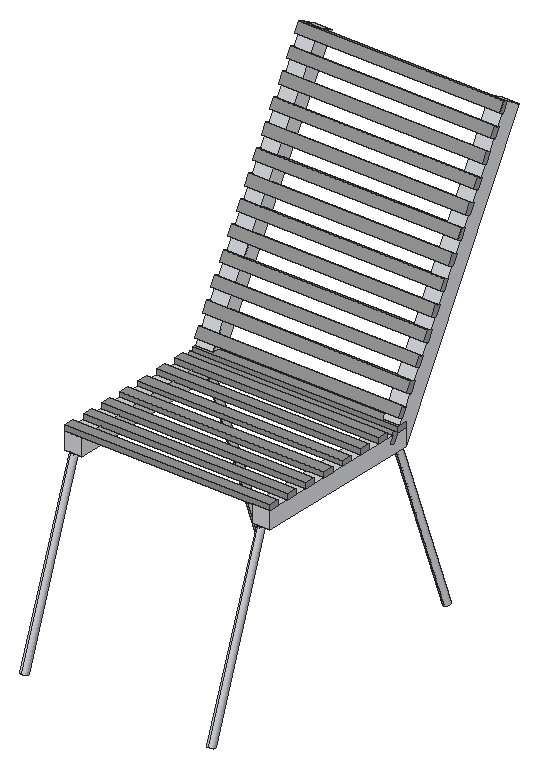
Revit family "Assemblaggio finale", category Generic Models, Revit 2020
Family settings
  Can host rebar = No
  Round Connector Dimension = Use Diameter
  Part Type = Normal
  Work Plane-Based = No
  Always vertical = Yes
  Cut with Voids When Loaded = No
  Shared = No
  Room Calculation Point = No
Parameters
  numero_pannelli = 8
  numero_pann_schiena = 14
  lungh_schienale = Lunghezza_gamba + 300 mm  # 832.089 mm
  interasse = 600 mm
  Seduta = 500 mm
  Lunghezza_gamba = Altezza / cos(ANG_Gambe - 90.00°)  # 532.089 mm
  Default Elevation = 0 mm
  Altezza = 500 mm
  ANG_schienale = 130.00°
  ANG_Gambe = 110.00°
Reference planes
  plane 1 "Center (Front/Back)": y = 0
  plane 2: z = 0
  plane 3 "Center (Left/Right)": x = 0
  plane 4: x = -25
  plane 5: x = 575
  plane 6: z = 600
  plane 7 "piano": through (0, 416.541, 1239.777) normal (0, -0.766, 0.6428)
Dimensions and locks
  "interasse": plane 4 to plane 5
  aligned and locked: level to plane 2
  aligned and locked: plane 5 to nested 2
  aligned and locked: nested 1 to plane 4  (x2)
Nested families
  nested 1: "assemblaggio 1" at (0, 0, 0), type "assemblaggio 1"
    with Seduta 500 mm, Lunghezza_schienale 832.089 mm, Lunghezza_gamba 532.089 mm, F 181.985 mm, Angolo_gamba_telaio 130.00°, Angolo_gamba_seduta 110.00°, Altezza_seduta 500 mm
  nested 2: "assemblaggio 1" at (550, 0, 0), type "assemblaggio 1"
    with Seduta 500 mm, Lunghezza_schienale 832.089 mm, Lunghezza_gamba 532.089 mm, F 181.985 mm, Angolo_gamba_telaio 130.00°, Angolo_gamba_seduta 110.00°, Altezza_seduta 500 mm
  nested 3: "pannello" at (575, -676.55, 550) x (-1, 0, 0) z (0, 0, 1), type "pannello"
    with lunghezza 600 mm
  nested 4: "pannello" at (575, -56.524, 817.305) x (-1, 0, 0) z (0, -0.866, 0.5), type "pannelli schienale"
    with numero 14, lunghezza_quantita 832.089 mm, lunghezza 600 mm
Definition of nested family "assemblaggio 1"
  Parameters (values of type "assemblaggio 1")
    Seduta = 450 mm
    Lunghezza_schienale = Lunghezza_gamba + 300 mm  # 858.485 mm
    Lunghezza_gamba = Altezza_seduta / cos(Angolo_gamba_seduta - 90.00°)  # 558.485 mm
    F = Lunghezza_gamba * sin(Angolo_gamba_seduta - 90.00°)  # 96.98 mm
    Dist_orig = 0 mm
    Default Elevation = 0 mm
    Angolo_gamba_telaio = 150.00°
    Angolo_gamba_seduta = 100.00°
    Altezza_seduta = 550 mm
  Reference planes
    plane 1 "Center (Front/Back)": y = 0
    plane 2: z = 0
    plane 3 "Center (Left/Right)": x = 0
    plane 4: x = 148.351
  Lines and regions (mm)
    reference lines
      curve 1: line (0, -96.98, 550) -> (0, -546.98, 550)
      curve 2: line (0, -546.98, 550) -> (0, -643.96, 0)
      curve 3: line (0, -96.98, 550) -> (0, 0, 0)
      curve 4: line (0, -96.98, 550) -> (0, 196.639, 1356.712)
  Dimensions and locks
    "Altezza_seduta": plane 2 to curve 1
    "Seduta": curve 2 to curve 1
    "Lunghezza_gamba": curve 3 to curve 3
    "Dist_orig": curve 3 to plane 1 "Center (Front/Back)"
    "Lunghezza_gamba": curve 2 to curve 2
    "Lunghezza_schienale": curve 4 to curve 4
    "F": plane 1 "Center (Front/Back)" to nested 3
    "Angolo_gamba_seduta": angle curve 1 to curve 2
    "Angolo_gamba_seduta": angle curve 3 to curve 1
    "Angolo_gamba_telaio": angle curve 4 to curve 3
    aligned and locked: level to plane 2
    aligned and locked: plane 1 "Center (Front/Back)" to nested 1
    aligned and locked: nested 1 to curve 3
    aligned and locked: level to nested 2
    aligned and locked: nested 2 to curve 2
    aligned and locked: nested 3 to curve 1
    aligned and locked: nested 4 to curve 4
  Nested families
    nested 1: "Gamba" at (0, 0, 0) x (0, -0.1736, 0.9848) z (1, 0, 0), type "Gamba"
      with built-in parameter 1001306 1.8323 (stored number, unit not read), lunghezza_gamba 558.485 mm, diametro_gamba 20 mm
    nested 2: "Gamba" at (0, -643.96, 0) x (0, 0.1736, 0.9848) z (1, 0, 0), type "Gamba"
      with built-in parameter 1001306 1.8323 (stored number, unit not read), lunghezza_gamba 558.485 mm, diametro_gamba 20 mm
    nested 3: "Telaio" at (0, -96.98, 550) x (0, -1, 0) z (1, 0, 0), type "Telaio"
      with built-in parameter 1001306 1.4764 (stored number, unit not read), L 450 mm
    nested 4: "Telaio" at (0, 196.639, 1356.712) x (0, -0.342, -0.9397) z (1, 0, 0), type "Schienale"
      with built-in parameter 1001306 2.8166 (stored number, unit not read), L 858.485 mm
  Definition of nested family "Gamba"
    Parameters (values of type "Gamba")
      lunghezza_gamba = 800 mm
      diametro_gamba = 40 mm
      built-in parameter 1001306 [instance] = lunghezza_gamba  # 800 mm
      Default Elevation = 0 mm
    Reference planes
      plane 1 "Center (Front/Back)": y = 0
      plane 2: z = 0
      plane 3 "Left": x = 0
      plane 4 "Right": x = 800
    Forms (mm)
      Extrusion 1, solid
        sketch origin (0, 0, 0) x (0, 1, 0) y (0, 0, 1)
          loop
            circle (0, 0) r 20
        from 0 to 800
    Lines and regions (mm)
      reference lines
        curve 1: line (0, 0, 0) -> (800, 0, 0)
    Dimensions and locks
      "built-in parameter 1001306": plane 3 "Left" to plane 4 "Right"
      "lunghezza_gamba": plane 3 "Left" to plane 4 "Right"
      "diametro_gamba": diameter of Extrusion 1 sketch curve
      aligned and locked: plane 4 "Right" to curve 1
      aligned and locked: plane 1 "Center (Front/Back)" to curve 1
      aligned and locked: plane 3 "Left" to curve 1
      aligned and locked: level to plane 2
      aligned and locked: Extrusion 1 to plane 3 "Left"
      aligned and locked: plane 4 "Right" to Extrusion 1
    Automatic sketch dimensions
      Extrusion 1 sketch curve to level = 0 mm
      Extrusion 1 sketch curve to plane 1 "Center (Front/Back)" = 0 mm
  Definition of nested family "Telaio"
    Parameters (values of type "Telaio")
      L = 50 mm
      built-in parameter 1001306 [instance] = L  # 50 mm
      Default Elevation = 0 mm
      Base_telaio = 50 mm
      Altezza_telaio = 50 mm
    Reference planes
      plane 1 "Center (Front/Back)": y = 0
      plane 2: z = 0
      plane 3 "Left": x = 0
      plane 4 "Right": x = 50
      plane 5: z = 25
      plane 6: z = -25
      plane 7: x = 0
      plane 8: y = -50
    Forms (mm)
      Extrusion 1, solid
        sketch origin (0, 0, 0) x (1, 0, 0) y (0, 1, 0)
          loop
            line (50, 0) -> (0, 0) -> (0, -50) -> (50, -50) -> (50, 0)
        from -25 to 25
    Lines and regions (mm)
      reference lines
        curve 1: line (0, 0, 0) -> (50, 0, 0)
    Dimensions and locks
      "built-in parameter 1001306": plane 3 "Left" to plane 4 "Right"
      equal spacing: plane 5, level, plane 6
      "Base_telaio": plane 5 to plane 6
      "L": plane 7 to plane 4 "Right"
      "Altezza_telaio": plane 8 to plane 1 "Center (Front/Back)"
      aligned and locked: plane 4 "Right" to curve 1
      aligned and locked: plane 1 "Center (Front/Back)" to curve 1
      aligned and locked: plane 3 "Left" to curve 1
      aligned and locked: level to plane 2
      aligned and locked: plane 4 "Right" to Extrusion 1
      aligned and locked: Extrusion 1 to plane 1 "Center (Front/Back)"
      aligned and locked: Extrusion 1 to plane 7
      aligned and locked: Extrusion 1 to plane 8
      aligned and locked: plane 5 to Extrusion 1
      aligned and locked: Extrusion 1 to plane 6
    Automatic sketch dimensions
      Extrusion 1 sketch curve to plane 3 "Left" = 0 mm
      Extrusion 1 sketch curve to plane 4 "Right" = 0 mm
      plane 8 to Extrusion 1 sketch curve = 0 mm
      plane 1 "Center (Front/Back)" to Extrusion 1 sketch curve = 0 mm
Definition of nested family "pannello"
  Parameters (values of type "pannello")
    numero = 8
    lunghezza_quantita = 500 mm
    lunghezza = 800 mm
    Profondità_pannello = 30 mm
    Materiale_pannello = none
    Default Elevation = 1219.2 mm
    Altezza_pannello = 10 mm
  Reference planes
    plane 1 "Center (Front/Back)": y = 0
    plane 2: z = 0
    plane 3 "Center (Left/Right)": x = 0
    plane 4: z = 10
    plane 5: x = 0
    plane 6: y = -464.565
    plane 7: y = -494.565
    plane 8: y = 5.435
    plane 9: x = 800
  Forms (mm)
    Extrusion 1, solid
      sketch origin (0, 0, 0) x (1, 0, 0) y (0, 1, 0)
        loop
          line (-1219.2, 1219.2) -> (-1219.2, -1219.2) -> (1219.2, -1219.2) -> (1219.2, 1219.2) -> (-1219.2, 1219.2)
      from 0 to -304.8
  Dimensions and locks
    "Altezza_pannello": plane 4 to Extrusion 1
    "Profondità_pannello": plane 6 to plane 7
    "lunghezza_quantita": plane 8 to plane 7
    "lunghezza": plane 5 to plane 9
    equal spacing: group 1, group 3, group 4, group 5, group 6, group 7, group 8, group 2  (x3)
    aligned and locked: plane 2 to Extrusion 1
    aligned and locked: level to Extrusion 1
    aligned and locked: plane 9 to nested 1
    aligned and locked: plane 8 to nested 2
    aligned and locked: nested 1 to plane 7
  Automatic sketch dimensions
    Extrusion 1 sketch curve to Extrusion 1 sketch curve = 2438.4 mm  (x2)
  Nested families
    nested 1: "pannello solo" at (0, -1123.755, 0), type "pannello solo"
      with profondità 30 mm, lunghezza 800 mm
    nested 2: "pannello solo" at (0, -653.755, 0), type "pannello solo"
      with profondità 30 mm, lunghezza 800 mm
    nested 3: "pannello solo" at (0, -1056.612, 0), type "pannello solo"
      with profondità 30 mm, lunghezza 800 mm
    nested 4: "pannello solo" at (0, -989.469, 0), type "pannello solo"
      with profondità 30 mm, lunghezza 800 mm
    nested 5: "pannello solo" at (0, -922.326, 0), type "pannello solo"
      with profondità 30 mm, lunghezza 800 mm
    nested 6: "pannello solo" at (0, -855.184, 0), type "pannello solo"
      with profondità 30 mm, lunghezza 800 mm
    nested 7: "pannello solo" at (0, -788.041, 0), type "pannello solo"
      with profondità 30 mm, lunghezza 800 mm
    nested 8: "pannello solo" at (0, -720.898, 0), type "pannello solo"
      with profondità 30 mm, lunghezza 800 mm
  Definition of nested family "pannello solo"
    Parameters (values of type "pannello solo")
      spessore = 15 mm
      profondità = 40 mm
      materiale = none
      lunghezza = 550 mm
      Default Elevation = 0 mm
    Reference planes
      plane 1 "Center (Front/Back)": y = 0
      plane 2: z = 0
      plane 3 "Center (Left/Right)": x = 0
      plane 4: x = 550
      plane 5: y = 659.19
      plane 6: y = 619.19
      plane 7: z = 15
    Forms (mm)
      Extrusion 1, solid, material <- "materiale"
        sketch origin (0, 0, 0) x (1, 0, 0) y (0, 1, 0)
          loop
            line (0, 659.19) -> (0, 619.19) -> (550, 619.19) -> (550, 659.19) -> (0, 659.19)
        from 0 to 15
    Dimensions and locks
      "lunghezza": plane 3 "Center (Left/Right)" to plane 4
      "profondità": plane 5 to plane 6
      "spessore": plane 7 to level
      aligned and locked: level to plane 2
      aligned and locked: plane 5 to Extrusion 1
      aligned and locked: plane 4 to Extrusion 1
      aligned and locked: Extrusion 1 to plane 6
      aligned and locked: Extrusion 1 to plane 3 "Center (Left/Right)"
      aligned and locked: plane 7 to Extrusion 1
    Automatic sketch dimensions
      Extrusion 1 sketch curve to plane 3 "Center (Left/Right)" = 0 mm
      Extrusion 1 sketch curve to plane 4 = 0 mm
      Extrusion 1 sketch curve to plane 6 = 0 mm
      Extrusion 1 sketch curve to plane 5 = 0 mm
